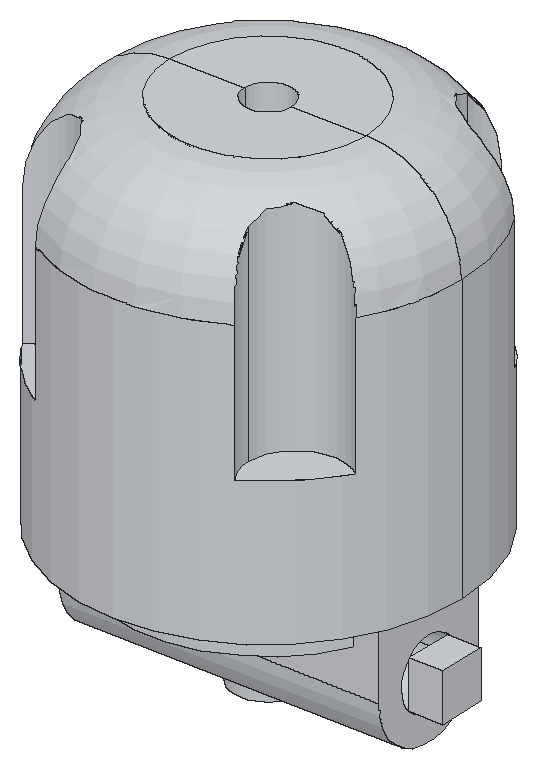
Revit family
Parameters (values of type "E-1")
  Weight = "12 lb."
  Viking Part Number = "08055"
  URL = "http://www.vikinggroupinc.com/databook/drysystems/equipment/071692.pdf"
  Rev. Date = "05-10-10"
  Model = "E-1"
  Manufacturer = "The Viking Corporation"
  Inlet Length = 3.341"
  E-1 Visability = yes
  Description = "Accelerator"
  D-2 Visability = no
  Boss Width = 1.300"
  Body Diameter = 4.048"
  Assembly Code = ""
Types (2): name | Weight | Viking Part Number | URL | Rev. Date | Model | Manufacturer | E-1 Visability | Description | D-2 Visability
  E-1 | "12 lb." | "08055" | "http://www.vikinggroupinc.com/databook/drysystems/equipment/071692.pdf" | "05-10-10" | "E-1" | "The Viking Corporation" | yes | "Accelerator" | no
  D-2 | "" | "" | "" | "" | "" | "" | no | "" | yes
Reference planes (in)
  plane 1 "Center (Front/Back)": y = 0
  plane 2: z = 0
  plane 3 "Center (Left/Right)": x = 0
  plane 4: z = 5.454
  plane 5 "Cylinder Bottom": z = 1.469
  plane 6 "Body Left": x = -2.024
  plane 7 "Body Right": x = 2.024
  plane 8: z = 1.094
  plane 9 "Outlet": x = -1.6705
  plane 10 "Inlet": x = 1.6705
  plane 11 "Inlet CL": z = 0.656
  plane 12: y = 0.65
  plane 13: y = -0.65
  plane 14: through (0, 0, 48) normal (-0.7071, -0.7071, 0)
  plane 15: z = 3
  plane 16: through (0, 0, 48) normal (-0.7071, 0.7071, 0)
  plane 17: z = 0.906
  plane 18: z = 0.406
  plane 19: y = 0.25
  plane 20: y = -0.25
  plane 21: z = 2.25
  plane 22: x = 2.25
Forms (in)
  Revolve 1, solid
    sketch origin (0, 0, 0) x (1, 0, 0) y (0, 0, 1)
      loop
        line (0, 5.454) -> (0, 1.469) -> (2.024, 1.469) -> (2.024, 4.454)
        arc (2.024, 4.454) -> (1.73111, 5.16111) -> (1.024, 5.454) r 1
        line (1.024, 5.454) -> (0, 5.454)
      axis (0, 5.454) -> (0, 1.469)
    angle from 0 to 360
  Extrusion 2, solid
    sketch origin (0, 0, 0) x (1, 0, 0) y (0, 1, 0)
      loop
        circle (0, 0) r 1.55
    from 1.094 to 1.469
  Extrusion 3, solid
    sketch origin (0, 0, 0) x (0, 1, 0) y (0, 0, 1)
      loop
        line (0.65, 0.656) -> (0.65, 1.469) -> (-0.65, 1.469) -> (-0.65, 0.656)
        arc (-0.65, 0.656) -> (0, 0.006) -> (0.65, 0.656) r 0.65
    from -1.6705 to 1.6705
  Extrusion 4, void
    sketch origin (0, 0, 0) x (0, 1, 0) y (0, 0, 1)
      loop
        circle (0, 0.656) r 0.359
    from -1.6705 to 1.6705
  Extrusion 5, void
    sketch origin (0, 0, 0) x (1, 0, 0) y (0, 1, 0)
      loop
        circle (0, 0) r 0.36101
    from 0 to 1.469
  Extrusion 6, void
    sketch origin (0, 0, 0) x (1, 0, 0) y (0, 1, 0)
      loop
        circle (-1.43118, 1.43118) r 0.5
      loop
        circle (1.43118, -1.43118) r 0.5
      loop
        circle (1.43118, 1.43118) r 0.5
      loop
        circle (-1.43118, -1.43118) r 0.5
    from 3 to 12
  Extrusion 7, void
    sketch origin (0, 0, 0) x (1, 0, 0) y (0, 1, 0)
      loop
        circle (0, 0) r 0.25
    from 3 to 5.454
  Extrusion 8, solid, visible <- "E-1 Visability"
    sketch origin (0, 0, 0) x (0, 1, 0) y (0, 0, 1)
      loop
        line (0.25, 0.906) -> (-0.25, 0.906) -> (-0.25, 0.406) -> (0.25, 0.406) -> (0.25, 0.906)
    from 1.6705 to 2.024
  Extrusion 9, solid, visible <- "E-1 Visability"
    sketch origin (0, 0, 0) x (1, 0, 0) y (0, 1, 0)
      loop
        circle (0, 0) r 0.361
    from 0 to 1.469
  Extrusion 10, solid, visible <- "D-2 Visability"
    sketch origin (0, 0, 0) x (0, 1, 0) y (0, 0, 1)
      loop
        line (-0.65, 2.25) -> (-0.65, 1.469) -> (0.65, 1.469) -> (0.65, 2.25) -> (-0.65, 2.25)
    from 0 to 2.25
Cuts and joins
  Extrusion 4, Extrusion 5, Extrusion 6, Extrusion 7 cuts Extrusion 2
  Extrusion 4, Extrusion 5, Extrusion 6, Extrusion 7 cuts Extrusion 3
  joined: Extrusion 2, Extrusion 3
  Extrusion 5, Extrusion 6, Extrusion 7 cuts Revolve 1
Dimensions and locks (in)
  plane 5 "Cylinder Bottom" to plane 2 = 1.469"
  plane 4 to plane 2 = 5.454"
  equal spacing: plane 7 "Body Right", plane 3 "Center (Left/Right)", plane 6 "Body Left"
  "Body Diameter": plane 7 "Body Right" to plane 6 "Body Left"
  plane 8 to plane 2 = 1.094"
  equal spacing: plane 10 "Inlet", plane 3 "Center (Left/Right)", plane 9 "Outlet"
  "Inlet Length": plane 10 "Inlet" to plane 9 "Outlet"
  locked: plane 11 "Inlet CL" to plane 2 at 0.656
  equal spacing: plane 12, plane 1 "Center (Front/Back)", plane 13
  "Boss Width": plane 12 to plane 13
  plane 2 to plane 15 = 3.000"
  plane 19 to plane 1 "Center (Front/Back)" = 0.250"
  plane 1 "Center (Front/Back)" to plane 20 = 0.250"
  plane 17 to plane 11 "Inlet CL" = 0.250"
  plane 11 "Inlet CL" to plane 18 = 0.250"
  plane 21 to plane 2 = 2.250"
  plane 22 to plane 3 "Center (Left/Right)" = 2.250"
  locked: plane 3 "Center (Left/Right)" to plane 14 (angle 45.00°)
  locked: plane 16 to plane 14 (angle 90.00°)
  aligned and locked: plane 5 "Cylinder Bottom" to Extrusion 2
  aligned and locked: Extrusion 2 to plane 8
  aligned and locked: Extrusion 3 to plane 10 "Inlet"
  aligned and locked: Extrusion 4 to plane 10 "Inlet"
  aligned and locked: Extrusion 3 to plane 9 "Outlet"
  aligned and locked: plane 5 "Cylinder Bottom" to Extrusion 5
  aligned and locked: Extrusion 5 to plane 2
  aligned and locked: cut or joined group of Revolve 1, Extrusion 5, Extrusion 6, Extrusion 7 to plane 15
  aligned and locked: cut or joined group of Revolve 1, Extrusion 5, Extrusion 6, Extrusion 7 to Extrusion 7
  aligned and locked: plane 4 to Extrusion 7
  aligned and locked: Extrusion 4 to plane 9 "Outlet"
  aligned and locked: plane 19 to Extrusion 8 sketch curve
  aligned and locked: plane 17 to Extrusion 8 sketch curve
  aligned and locked: plane 18 to Extrusion 8 sketch curve
  aligned and locked: Extrusion 8 sketch curve to plane 20
  aligned and locked: Extrusion 8 to plane 7 "Body Right"
  aligned and locked: plane 10 "Inlet" to Extrusion 8
  aligned and locked: plane 5 "Cylinder Bottom" to Extrusion 9
  aligned and locked: Extrusion 10 sketch curve to plane 13
  aligned and locked: Extrusion 10 sketch curve to plane 21
  aligned and locked: cut or joined group of Extrusion 2, Extrusion 3, Extrusion 4, Extrusion 5, Extrusion 6, Extrusion 7 to Extrusion 10 sketch curve
  aligned and locked: Extrusion 10 sketch curve to cut or joined group of Extrusion 2, Extrusion 3, Extrusion 4, Extrusion 5, Extrusion 6, Extrusion 7
  aligned and locked: plane 22 to Extrusion 10
Automatic sketch dimensions
  Revolve 1 sketch curve to plane 3 "Center (Left/Right)" = 0.000"  (x2)
  Revolve 1 sketch curve to plane 4 = 0.000"  (x2)
  Revolve 1 sketch curve to plane 7 "Body Right" = 0.000"
  Revolve 1 sketch curve to plane 5 "Cylinder Bottom" = 0.000"  (x2)
  plane 7 "Body Right" to Revolve 1 sketch curve = 1.000"
  Extrusion 2 sketch curve to plane 1 "Center (Front/Back)" = 0.000"
  Extrusion 2 sketch curve to plane 3 "Center (Left/Right)" = 0.000"
  Extrusion 3 sketch curve to plane 5 "Cylinder Bottom" = 0.000"
  Extrusion 3 sketch curve to plane 13 = 0.000"
  Extrusion 3 sketch curve to plane 12 = 0.000"
  Extrusion 3 sketch curve to plane 11 "Inlet CL" = 0.000"
  Extrusion 4 sketch curve to plane 1 "Center (Front/Back)" = 0.000"
  Extrusion 4 sketch curve to plane 11 "Inlet CL" = 0.000"
  Extrusion 5 sketch curve to plane 1 "Center (Front/Back)" = 0.000"
  Extrusion 5 sketch curve to plane 3 "Center (Left/Right)" = 0.000"
  Extrusion 6 sketch curve to plane 16 = 0.000"  (x2)
  Extrusion 6 sketch curve to plane 14 = 0.000"  (x2)
  plane 9 "Outlet" to Extrusion 6 sketch curve = 0.23932"  (x2)
  plane 10 "Inlet" to Extrusion 6 sketch curve = 0.23932"  (x2)
  Extrusion 7 sketch curve to plane 1 "Center (Front/Back)" = 0.000"
  Extrusion 7 sketch curve to plane 3 "Center (Left/Right)" = 0.000"
  Extrusion 9 sketch curve to plane 1 "Center (Front/Back)" = 0.000"
  Extrusion 9 sketch curve to plane 3 "Center (Left/Right)" = 0.000"
  Extrusion 10 sketch curve to plane 12 = 0.000"
  radius of Extrusion 2 sketch curve = 1.550"
  radius of Extrusion 4 sketch curve = 0.359"
  radius of Extrusion 5 sketch curve = 0.36101"
  radius of Extrusion 6 sketch curve = 0.500"  (x4)
  radius of Extrusion 7 sketch curve = 0.250"
  radius of Extrusion 9 sketch curve = 0.361"
